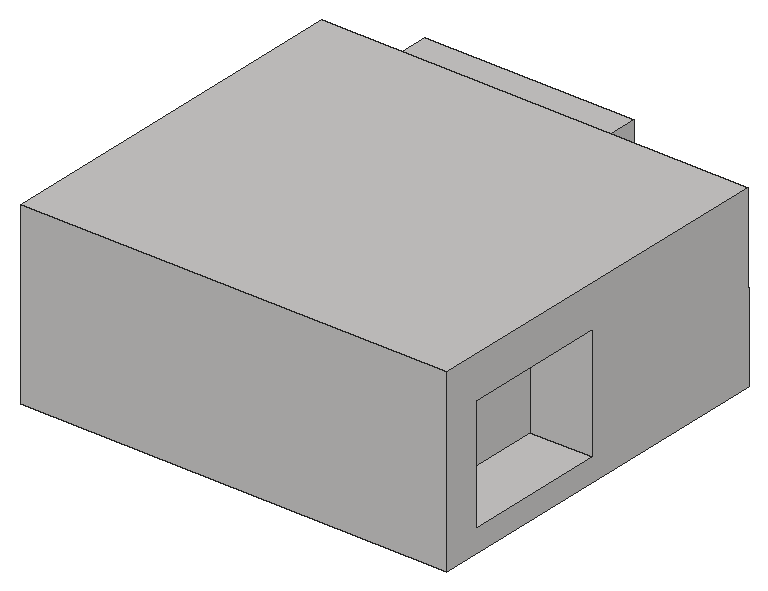
Revit family
Parameters
  Width = 3' - 0 1/8"
  Voltage = 120 V
  Unit Weight = "155.0 lbs"
  UltraLoc Liner = Choose Liner Option = 3  # no
  URL = "http://www.titus-hvac.com/"
  UL = "181"
  Supply Air Flow [instance] = 0 CFM
  SteriLoc Liner = Choose Liner Option = 2  # no
  Primary Air Pressure Drop [instance] = 0.00 in-wg
  Primary Air Flow [instance] = 0 CFM
  Plenum Air Pressure Drop [instance] = 0.00 in-wg
  Plenum Air Flow [instance] = 0 CFM
  Outlet Width = 1' - 2"
  Outlet Vertical Offset = 0' - 1 1/8"
  Outlet Horizontal Offset = 0' - 1 3/8"
  Outlet Height = 0' - 11"
  Number of Poles = 1
  Nominal Width = Width + 0' 6 1/4"  # 3' - 6 3/8"
  Nominal Length = Length + 0' 3 3/8"  # 3' - 8 1/4"
  Nominal Inlet Size = 0' - 10"
  Nominal Height = 1' - 5 1/8"
  NFPA = "90A"
  Motor Full Load Amps = 9.8 A
  Model = "DTQS"
  Min. Air Flow = 0 CFM
  Max. Air Flow = 0 CFM
  Material = Galvanized Steel
  Manufacturer = "Titus"
  Length = 3' - 4 7/8"
  Juction Box Offset = 0' - 4 7/8"
  Inlet Diameter = Nominal Inlet Size - 0' 0 1/8"  # 0' - 9 7/8"
  Induced Air Inlet Offset = 0' - 4 1/2"
  Induced Air Inlet Width = 1' - 1 1/4"
  Induced Air Inlet Height = 1' - 2 1/2"
  Induced Air Filter = no
  Heating Total Capacity [instance] = 0 Btu/h
  Half Outlet Connection Width = Outlet Width / 2  # 0' - 7"
  Half Outlet Connection Height = Outlet Height / 2  # 0' - 5 1/2"
  Half Height Start = -(Nominal Height / 2)  # -0' - 8 9/16"
  Half Height End = Nominal Height / 2  # 0' - 8 9/16"
  HP-Motor = "1/3"
  Frequency = 60 Hz
  Filter Size = "19\"x17\""
  Fiber Free Liner = Choose Liner Option = 1  # no
  Fan Disconnect Switch = no
  Duct Radius = Nominal Inlet Size / 2  # 0' - 5"
  Description = "Series Fan Powered Terminal Unit, Direct Digital Control, Pressure Independent"
  Connection Void Radius = Connection Radius - 0' 0 1/4"  # 0' - 4 11/16"
  Connection Radius = Inlet Diameter / 2  # 0' - 4 15/16"
  Choose Liner Option = 0
  CADworks URL = "www.CADworks.net"
  Assembly Code = "D3040100"
  Apparent Power = Voltage * Motor Full Load Amps  # 1176 VA
  Air Inlet Offset = 0' - 7"
  1/2" Fiberglass Liner = Choose Liner Option = 0  # yes
Reference planes (in)
  plane 1 "Center (Front/Back)": y = 0
  plane 2: z = 0
  plane 3 "Center (Left/Right)": x = 3
  plane 4: x = -17.4375
  plane 5: x = 23.4375
  plane 6: x = -12.5625
  plane 7: x = -20.8125
  plane 8 "Center (Elevation)": z = 0
  plane 9: y = -18.0625
  plane 10: y = 18.0625
  plane 11: y = 11.0625
  plane 12: y = -13.5625
  plane 13: x = -11.4375
  plane 14: x = 17.4375
  plane 15: y = 24.3125
  plane 16: z = 8.5625
  plane 17: z = -8.5625
Forms (in)
  Extrusion 1, solid, material "Galvanized Steel" <- "Material"
    sketch origin (61, -3.76302, 78.80279) x (1, 0, 0) y (0, 1, 0)
      loop
        line (-78.4375, 21.82552) -> (-78.4375, -14.29948) -> (-37.5625, -14.29948) -> (-37.5625, 21.82552) -> (-78.4375, 21.82552)
    from -87.36529 <- "Half Height Start" to -70.24029 <- "Half Height End"
  Extrusion 2, solid, material "Galvanized Steel" <- "Material"
    sketch origin (6.0625, 0, 42) x (1, 0, 0) y (0, 1, 0)
      loop
        line (-18.625, 18.0625) -> (1.375, 18.0625) -> (1.375, 24.3125) -> (-18.625, 24.3125) -> (-18.625, 18.0625)
    from -48 to -36
  Extrusion 3, void
    sketch origin (23.4375, 18.0625, 76.42779) x (0, 1, 0) y (0, 0, -1)
      loop
        line (-18.625, 71.86529) -> (-18.625, 82.86529) -> (-32.625, 82.86529) -> (-32.625, 71.86529) -> (-18.625, 71.86529)
    from 0 to 6
  Extrusion 4, solid, material "Galvanized Steel" <- "Material"
    sketch origin (-24.875, -0.4375, 0) x (0, 0, -1) y (0, 1, 0)
      loop
        circle (0, 11.5) r 4.9375
    from 4.0625 to 7.4375
  Extrusion 5, void
    sketch origin (-24.875, 0, 0) x (0, 1, 0) y (0, 0, 1)
      loop
        circle (11.0625, 0) r 4.6875
    from 4.0625 to 13.4375
  Extrusion 6, void
    sketch origin (-17.4375, -18.0625, 78.67779) x (0, -1, 0) y (0, 0, -1)
      loop
        line (-17.75, 71.49029) -> (-4.5, 71.49029) -> (-4.5, 85.99029) -> (-17.75, 85.99029) -> (-17.75, 71.49029)
    from 0 to 6
Cuts and joins
  Extrusion 3, Extrusion 5, Extrusion 6 cuts Extrusion 1
  Extrusion 5 cuts Extrusion 4
Dimensions and locks (in)
  "Length": plane 5 to plane 4
  equal spacing: plane 5, plane 3 "Center (Left/Right)", plane 4
  locked: Extrusion 2 to plane 6 at 0
  locked: Extrusion 2 to Extrusion 2 at 20
  "Juction Box Offset": plane 6 to plane 4
  "Outlet Height": Extrusion 3 sketch curve to Extrusion 3 sketch curve
  "Outlet Width": Extrusion 3 sketch curve to Extrusion 3 sketch curve
  locked: plane 4 to plane 7 at 3.375
  "Width": plane 9 to plane 10
  equal spacing: plane 9, plane 1 "Center (Front/Back)", plane 10
  locked: Extrusion 4 sketch curve to level at 0
  locked: Extrusion 4 sketch curve to plane 11 at 0
  locked: Extrusion 5 sketch curve to level at 0
  locked: Extrusion 5 sketch curve to plane 11 at 0
  locked: Extrusion 2 to Extrusion 2 at 6.25
  "Air Inlet Offset": plane 10 to plane 11
  locked: Extrusion 2 to plane 10 at 0
  locked: cut or joined group of Extrusion 4, Extrusion 5 to plane 7 at 0
  locked: cut or joined group of Extrusion 4, Extrusion 5 to cut or joined group of Extrusion 4, Extrusion 5 at 3.375
  "Induced Air Inlet Offset": plane 9 to plane 12
  "Induced Air Inlet Width": Extrusion 6 sketch curve to Extrusion 6 sketch curve
  "Induced Air Inlet Height": Extrusion 6 sketch curve to Extrusion 6 sketch curve
  "Induced Air Inlet Offset": Extrusion 6 sketch curve to plane 9
  locked: plane 9 to Extrusion 3 sketch curve at 3.5
  cut or joined group of Extrusion 1, Extrusion 3, Extrusion 5, Extrusion 6 to Extrusion 6 sketch curve = 0' - 1 3/8"
  cut or joined group of Extrusion 1, Extrusion 3, Extrusion 5, Extrusion 6 to Extrusion 3 sketch curve = 0' - 2 1/8"
  locked: Extrusion 2 to Extrusion 2 at 12
  equal spacing: Extrusion 2, level, Extrusion 2
  locked: cut or joined group of Extrusion 1, Extrusion 3, Extrusion 5, Extrusion 6 to cut or joined group of Extrusion 1, Extrusion 3, Extrusion 5, Extrusion 6 at 17.125
  equal spacing: cut or joined group of Extrusion 1, Extrusion 3, Extrusion 5, Extrusion 6, level, cut or joined group of Extrusion 1, Extrusion 3, Extrusion 5, Extrusion 6
  locked: plane 4 to plane 13 at 6
  locked: plane 14 to plane 5 at 6
  "Connection Radius": radius of Extrusion 4 sketch curve
  "Connection Void Radius": radius of Extrusion 5 sketch curve
  aligned and locked: cut or joined group of Extrusion 1, Extrusion 3, Extrusion 5, Extrusion 6 to plane 10
  aligned and locked: plane 9 to cut or joined group of Extrusion 1, Extrusion 3, Extrusion 5, Extrusion 6
  aligned and locked: plane 5 to cut or joined group of Extrusion 1, Extrusion 3, Extrusion 5, Extrusion 6
  aligned and locked: cut or joined group of Extrusion 1, Extrusion 3, Extrusion 5, Extrusion 6 to plane 4
  aligned and locked: Extrusion 3 to plane 14
  aligned and locked: plane 13 to Extrusion 6
  aligned and locked: Extrusion 6 to Extrusion 5
Automatic sketch dimensions
  plane 4 to Extrusion 1 sketch curve = 0' - 0"
  plane 5 to Extrusion 1 sketch curve = 0' - 0"
  plane 9 to Extrusion 1 sketch curve = 0' - 0"
  plane 10 to Extrusion 1 sketch curve = 0' - 0"
  Extrusion 2 sketch curve to plane 6 = 0' - 0"
  Extrusion 2 sketch curve to plane 10 = 0' - 0"
  plane 3 "Center (Left/Right)" to Extrusion 2 sketch curve = 0' - 4 7/16"
  Extrusion 2 sketch curve to plane 10 = 0' - 6 1/4"
Connectors (in)
  electrical at (-2.5625, 24.3125, 0), driven by "Apparent Power", driven by "Voltage", driven by "Number of Poles"
    settings: on Extrusion 2, index 8
  hvac at (-20.8125, 11.0625, 0), driven by "Primary Air Flow", driven by "Duct Radius", driven by "Primary Air Pressure Drop"
    settings: on cut or joined group of Extrusion 4, Extrusion 5, index 9
  hvac at (-17.4375, -6.9375, -0.0625), driven by "Induced Air Inlet Width", driven by "Induced Air Inlet Height", driven by "Plenum Air Pressure Drop", driven by "Plenum Air Flow"
    settings: on cut or joined group of Extrusion 1, Extrusion 3, Extrusion 5, Extrusion 6, index 14
  hvac at (23.4375, -7.5625, -0.9375), driven by "Supply Air Flow", driven by "Outlet Width", driven by "Outlet Height"
    settings: on cut or joined group of Extrusion 1, Extrusion 3, Extrusion 5, Extrusion 6, index 15
